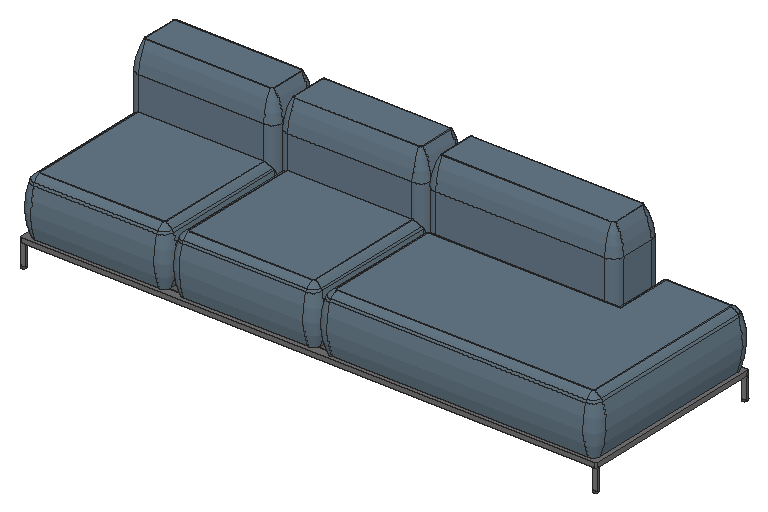
Revit family "Haworth_Mex-Hi_Sofa_Wide_WithoutArm-wPeninsula", category Furniture, Revit 2018 (continued)
Definition of nested family "Haworth_Mex-Hi_Sofa_Seat-Wide-PART"
  Forms (in)
    Sweep 7, solid, material <- "Seat Upholstery Finish", visible <- "Middle Large Seat"
      path origin (4.78944, 14.72405, 0) x (1, 0, 0) y (0, 1, 0)
        loop
          line (-32.55933, -14.53597) -> (-32.55933, -37.69252)
          arc (-32.55933, -37.69252) -> (-32.04677, -38.92996) -> (-30.80933, -39.44252) r 1.75
          line (-30.80933, -39.44252) -> (8.99067, -39.44252)
      profile origin (-6.11989, -24.71848, 0) x (0, -1, 0) y (0, 0, 1)
        loop
          arc (-0.11034, 13.92822) -> (-0.19803, 14.13034) -> (-0.31579, 14.31655) r 1.42697
          arc (-0.31579, 14.31655) -> (-0.8708, 14.91087) -> (-1.54213, 15.36974) r 3.70331
          line (-1.54213, 15.36974) -> (-1.54213, 4.88189) -> (-0.41268, 4.88189)
          arc (-0.41268, 4.88189) -> (0.57441, 9.37712) -> (-0.11034, 13.92822) r 12.66244
    Extrusion 8, solid, material <- "Seat Upholstery Finish", visible <- "Middle Large Seat"
      sketch origin (4.78944, 14.97405, 0) x (1, 0, 0) y (0, 1, 0)
        loop
          arc (9.19853, -14.53597) -> (9.13765, -14.38899) -> (8.99067, -14.32811) r 0.20787
          line (8.99067, -14.32811) -> (-30.80933, -14.32811)
          arc (-30.80933, -14.32811) -> (-30.95632, -14.38899) -> (-31.0172, -14.53597) r 0.20787
          line (-31.0172, -14.53597) -> (-31.0172, -37.69252)
          arc (-31.0172, -37.69252) -> (-30.95632, -37.83951) -> (-30.80933, -37.90039) r 0.20787
          line (-30.80933, -37.90039) -> (8.99067, -37.90039)
          arc (8.99067, -37.90039) -> (9.13765, -37.83951) -> (9.19853, -37.69252) r 0.20787
          line (9.19853, -37.69252) -> (9.19853, -14.53597)
      from 4.88189 to 15.36974
  Lines and regions (in)
    Masking region 1, visible <- "Middle Small Seat"
      outline origin (0, 0, 0) x (1, 0, 0) y (0, 1, 0)
        loop
          line (-23.80117, 0.15039) -> (-23.80117, -22.93079)
          arc (-23.80117, -22.93079) -> (-23.06894, -24.69856) -> (-21.30117, -25.43079) r 2.5
          line (-21.30117, -25.43079) -> (9.06138, -25.43079)
          arc (9.06138, -25.43079) -> (10.82915, -24.69856) -> (11.56138, -22.93079) r 2.5
          line (11.56138, -22.93079) -> (11.56138, 0.15039)
          arc (11.56138, 0.15039) -> (10.82915, 1.91816) -> (9.06138, 2.65039) r 2.5
          line (9.06138, 2.65039) -> (-21.30117, 2.65039)
          arc (-21.30117, 2.65039) -> (-23.06894, 1.91816) -> (-23.80117, 0.15039) r 2.5
    Masking region 2, visible <- "L/R Seat"
      outline origin (0, 0, 0) x (1, 0, 0) y (0, 1, 0)
        loop
          line (-19.80117, 0.15039) -> (-19.80117, -22.93079)
          arc (-19.80117, -22.93079) -> (-19.06894, -24.69856) -> (-17.30117, -25.43079) r 2.5
          line (-17.30117, -25.43079) -> (5.06138, -25.43079)
          arc (5.06138, -25.43079) -> (6.82915, -24.69856) -> (7.56138, -22.93079) r 2.5
          line (7.56138, -22.93079) -> (7.56138, 0.15039)
          arc (7.56138, 0.15039) -> (6.82915, 1.91816) -> (5.06138, 2.65039) r 2.5
          line (5.06138, 2.65039) -> (-17.30117, 2.65039)
          arc (-17.30117, 2.65039) -> (-19.06894, 1.91816) -> (-19.80117, 0.15039) r 2.5
    Masking region 3, visible <- "Peninsula Seat"
      outline origin (0, 0, 0) x (1, 0, 0) y (0, 1, 0)
        loop
          line (4.77305, 0.27539) -> (-28.30117, 0.27539)
          arc (-28.30117, 0.27539) -> (-29.89216, -0.38362) -> (-30.55117, -1.97461) r 2.25
          line (-30.55117, -1.97461) -> (-30.55117, -23.05579)
          arc (-30.55117, -23.05579) -> (-29.89216, -24.64678) -> (-28.30117, -25.30579) r 2.25
          line (-28.30117, -25.30579) -> (18.93638, -25.30579)
          arc (18.93638, -25.30579) -> (20.52737, -24.64678) -> (21.18638, -23.05579) r 2.25
          line (21.18638, -23.05579) -> (21.18638, 8.52539)
          arc (21.18638, 8.52539) -> (20.52737, 10.11638) -> (18.93638, 10.77539) r 2.25
          line (18.93638, 10.77539) -> (7.02305, 10.77539)
          arc (7.02305, 10.77539) -> (5.43206, 10.11638) -> (4.77305, 8.52539) r 2.25
          line (4.77305, 8.52539) -> (4.77305, 0.27539)
    Masking region 4, visible <- "Middle Large Seat"
      outline origin (0, 0, 0) x (1, 0, 0) y (0, 1, 0)
        loop
          line (-28.42172, 0.15039) -> (-28.42172, -22.93079)
          arc (-28.42172, -22.93079) -> (-27.68949, -24.69856) -> (-25.92172, -25.43079) r 2.5
          line (-25.92172, -25.43079) -> (13.61448, -25.43079)
          arc (13.61448, -25.43079) -> (15.38225, -24.69856) -> (16.11448, -22.93079) r 2.5
          line (16.11448, -22.93079) -> (16.11448, 0.15039)
          arc (16.11448, 0.15039) -> (15.38225, 1.91816) -> (13.61448, 2.65039) r 2.5
          line (13.61448, 2.65039) -> (-25.92172, 2.65039)
          arc (-25.92172, 2.65039) -> (-27.68949, 1.91816) -> (-28.42172, 0.15039) r 2.5
  Dimensions and locks (in)
    equal spacing: plane 8 "Left", plane 2 "Center L/R", plane 7 "Right"
    "Actual Width": plane 8 "Left" to plane 7 "Right"
    equal spacing: plane 5 "Back", plane 3 "Center F/B", plane 6 "Front"
    "Actual Depth": plane 5 "Back" to plane 6 "Front"
    "Actual Height": plane 4 "Top" to plane 1
    "Seat Height": plane 9 to level
    aligned and locked: Sweep 7 to Extrusion 8 sketch curve
    aligned and locked: Extrusion 8 sketch curve to Sweep 7
  Automatic sketch dimensions
    plane 8 "Left" to Extrusion 1 sketch curve = 2.29174"
    Extrusion 1 sketch curve to Extrusion 1 sketch curve = 0.20787"  (x3)
    Extrusion 1 sketch curve to plane 7 "Right" = 2.49961"  (x2)
    plane 6 "Front" to Extrusion 1 sketch curve = 2.72405"
    Extrusion 1 sketch curve to plane 5 "Back" = 2.71232"
    plane 8 "Left" to Sweep 2 sketch curve = 0.74961"
    Sweep 2 sketch curve to plane 5 "Back" = 0.96232"
    Sweep 2 sketch curve to Sweep 2 sketch curve = 1.75"  (x2)
    plane 6 "Front" to Sweep 2 sketch curve = 1.18191"
    Sweep 2 sketch curve to plane 7 "Right" = 2.49961"  (x2)
    Sweep 2 sketch curve to plane 7 "Right" = 0.74961"
    profile plane to Sweep 2 sketch curve = 12.08096"
    profile plane to Sweep 2 sketch curve = 3.28358"
    profile plane to Sweep 2 sketch curve = 1.54213"
    profile plane to Sweep 2 sketch curve = 1.45935"
    profile plane to Sweep 2 sketch curve = 0.41268"
    level to Sweep 2 sketch curve = 4.88189"
    level to Sweep 2 sketch curve = 9.80008"
    Sweep 2 sketch curve to Sweep 2 sketch curve = 7.21954"
    Sweep 2 sketch curve to Sweep 2 sketch curve = 1.36158"
    Sweep 2 sketch curve to Sweep 2 sketch curve = 1.90673"
    Sweep 2 sketch curve to Sweep 2 sketch curve = 0.00"
    plane 6 "Front" to Extrusion 3 sketch curve = 2.93191"  (x2)
    plane 8 "Left" to Extrusion 3 sketch curve = 6.29174"
    Extrusion 3 sketch curve to Extrusion 3 sketch curve = 0.20787"  (x2)
    Extrusion 3 sketch curve to plane 5 "Back" = 2.71232"
    Extrusion 3 sketch curve to plane 7 "Right" = 6.49961"  (x2)
    plane 8 "Left" to Sweep 4 sketch curve = 4.74961"
    Sweep 4 sketch curve to plane 5 "Back" = 0.96232"
    Sweep 4 sketch curve to Sweep 4 sketch curve = 1.75"  (x3)
    plane 6 "Front" to Sweep 4 sketch curve = 1.18191"
    plane 6 "Front" to Sweep 4 sketch curve = 2.93191"
    Sweep 4 sketch curve to plane 7 "Right" = 6.49961"
    profile plane to Sweep 4 sketch curve = 12.08096"
    profile plane to Sweep 4 sketch curve = 3.28358"
    profile plane to Sweep 4 sketch curve = 1.54213"
    profile plane to Sweep 4 sketch curve = 1.45935"
    profile plane to Sweep 4 sketch curve = 0.41268"
    level to Sweep 4 sketch curve = 4.88189"
    level to Sweep 4 sketch curve = 9.80008"
    Sweep 4 sketch curve to Sweep 4 sketch curve = 7.21954"
    Sweep 4 sketch curve to Sweep 4 sketch curve = 1.36158"
    Sweep 4 sketch curve to Sweep 4 sketch curve = 1.90673"
    Sweep 4 sketch curve to Sweep 4 sketch curve = 0.00"
    plane 8 "Left" to Masking region 1 sketch curve = 0.16833"
    plane 6 "Front" to Masking region 1 sketch curve = 0.4696"
    plane 8 "Left" to Masking region 1 sketch curve = 2.66833"
    Masking region 1 sketch curve to Masking region 1 sketch curve = 2.50"
    Masking region 1 sketch curve to plane 5 "Back" = 0.25"
    Masking region 1 sketch curve to plane 7 "Right" = 2.66833"  (x2)
    Masking region 1 sketch curve to plane 7 "Right" = 0.16833"
    plane 8 "Left" to Masking region 2 sketch curve = 4.16833"
    Masking region 2 sketch curve to Masking region 2 sketch curve = 2.50"  (x3)
    Masking region 2 sketch curve to plane 5 "Back" = 0.25"
    Masking region 2 sketch curve to plane 7 "Right" = 6.66833"  (x2)
    plane 6 "Front" to Masking region 2 sketch curve = 0.4696"
    Sweep 5 sketch curve to plane 8 "Left" = 5.99435"
    Sweep 5 sketch curve to Sweep 5 sketch curve = 1.75"  (x4)
    Sweep 5 sketch curve to plane 7 "Right" = 6.36935"
    plane 7 "Right" to Sweep 5 sketch curve = 7.11935"  (x2)
    plane 6 "Front" to Sweep 5 sketch curve = 2.93191"
    Sweep 5 sketch curve to plane 5 "Back" = 4.96232"
    plane 5 "Back" to Sweep 5 sketch curve = 5.53768"
    profile plane to Sweep 5 sketch curve = 12.08096"
    profile plane to Sweep 5 sketch curve = 3.28358"
    profile plane to Sweep 5 sketch curve = 1.54213"
    profile plane to Sweep 5 sketch curve = 1.45935"
    profile plane to Sweep 5 sketch curve = 0.41268"
    level to Sweep 5 sketch curve = 4.88189"
    level to Sweep 5 sketch curve = 9.80008"
    Sweep 5 sketch curve to Sweep 5 sketch curve = 7.21954"
    Sweep 5 sketch curve to Sweep 5 sketch curve = 1.36158"
    Sweep 5 sketch curve to Sweep 5 sketch curve = 1.90673"
    Sweep 5 sketch curve to Sweep 5 sketch curve = 0.00"
    Extrusion 6 sketch curve to plane 8 "Left" = 4.45222"
    Extrusion 6 sketch curve to Extrusion 6 sketch curve = 0.20787"  (x4)
    Extrusion 6 sketch curve to plane 7 "Right" = 4.82722"
    plane 6 "Front" to Extrusion 6 sketch curve = 2.72405"
    plane 7 "Right" to Extrusion 6 sketch curve = 7.11935"  (x2)
    Extrusion 6 sketch curve to plane 5 "Back" = 4.96232"
    plane 5 "Back" to Extrusion 6 sketch curve = 5.53768"
    Masking region 3 sketch curve to plane 8 "Left" = 6.58167"
    plane 6 "Front" to Masking region 3 sketch curve = 0.5946"
    Masking region 3 sketch curve to Masking region 3 sketch curve = 2.25"  (x4)
    Masking region 3 sketch curve to plane 5 "Back" = 2.625"
    Masking region 3 sketch curve to plane 7 "Right" = 6.95667"
    plane 7 "Right" to Masking region 3 sketch curve = 7.20667"  (x2)
    plane 5 "Back" to Masking region 3 sketch curve = 5.625"
    Sweep 7 sketch curve to plane 8 "Left" = 3.80039"
    Sweep 7 sketch curve to plane 5 "Back" = 0.96232"
    Sweep 7 sketch curve to plane 8 "Left" = 2.05039"  (x2)
    plane 6 "Front" to Sweep 7 sketch curve = 1.18191"
    plane 7 "Right" to Sweep 7 sketch curve = 2.05039"  (x2)
    Sweep 7 sketch curve to Sweep 7 sketch curve = 1.75"
    profile plane to Sweep 7 sketch curve = 12.08096"
    profile plane to Sweep 7 sketch curve = 3.28358"
    profile plane to Sweep 7 sketch curve = 1.54213"
    profile plane to Sweep 7 sketch curve = 1.45935"
    profile plane to Sweep 7 sketch curve = 0.41268"
    level to Sweep 7 sketch curve = 4.88189"
    level to Sweep 7 sketch curve = 9.80008"
    Sweep 7 sketch curve to Sweep 7 sketch curve = 7.21954"
    Sweep 7 sketch curve to Sweep 7 sketch curve = 1.36158"
    Sweep 7 sketch curve to Sweep 7 sketch curve = 1.90673"
    Sweep 7 sketch curve to Sweep 7 sketch curve = 0.00"
    Extrusion 8 sketch curve to Extrusion 8 sketch curve = 0.20787"  (x4)
    plane 6 "Front" to Extrusion 8 sketch curve = 2.97405"
    Extrusion 8 sketch curve to plane 5 "Back" = 2.46232"
    Masking region 4 sketch curve to plane 5 "Back" = 2.75"
    Masking region 4 sketch curve to plane 8 "Left" = 4.45222"
    plane 6 "Front" to Masking region 4 sketch curve = 0.4696"
    Masking region 4 sketch curve to plane 8 "Left" = 1.95222"  (x2)
    plane 7 "Right" to Masking region 4 sketch curve = 1.88477"  (x2)
    Masking region 4 sketch curve to Masking region 4 sketch curve = 2.50"
Types (2): name | Two Seats Wide | Three Seats Wide | Description | Actual Width
  Three Seat Sofa | no | yes | "Haworth - Cassina - Mex-Hi - Sofa - Without Arm with Peninsula - Wide Three Seat" | 106.30"
  Two Seat Sofa | yes | no | "Haworth - Cassina - Mex-Hi - Sofa - Without Arm with Peninsula - Wide Two Seat" | 86.60"
